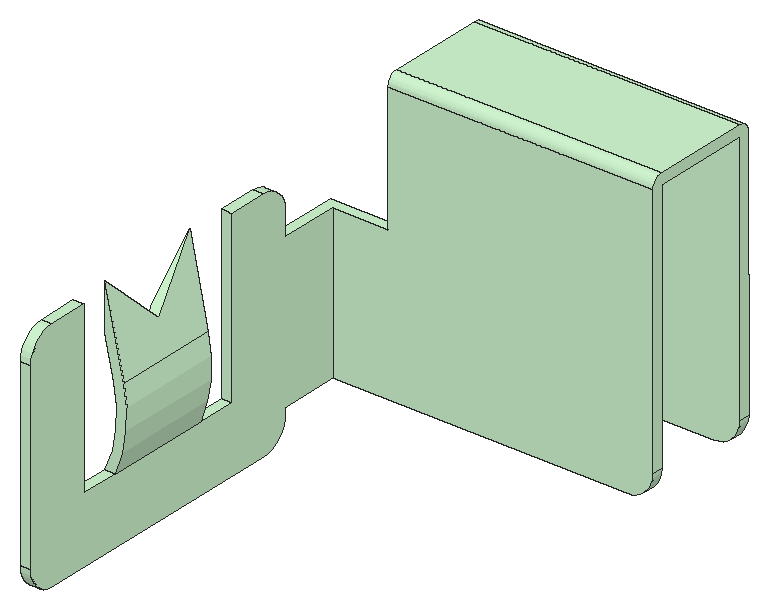
Revit family "点検口T+アクセス左", category 機械設備, Revit 2020
Family settings
  丸型コネクタ寸法 = 直径を使用
  種別 = なし
  パーツ タイプ = 標準
  作業面ベース = いいえ
  常に垂直 = はい
  ロード時にボイドで切り取り = いいえ
  共有 = いいえ
  部屋計算ポイント = いいえ
Parameters
  製造元 = "株式会社桐井製作所"
  既定の高さ = 0 mm
  URL = "https://www.kirii.co.jp/"
  K_材質 = "溶融亜鉛めっき鋼板及び鋼帯 SGCC 一般用"
  K_品名 = "点検口T+アクセス左"
  K_名称 = "点検口金具"
  K_入数 = "1500"
  K_バージョン情報 = "20220915"
  K_めっき付着量 = "Z12"
  K_JIS規格 = "JIS G 3302"
Reference planes
  plane 1 "中心(正面/背面)": y = 0
  plane 2: z = 0
  plane 3 "中心(左/右)": x = 0
Forms (mm)
  Extrusion 1, void
    sketch origin (0, -8, 0) x (1, 0, 0) y (0, 0, 1)
      loop
        line (25, 2.5) -> (25, 4.5)
        arc (25, 4.5) -> (24.414, 3.086) -> (23, 2.5) r 2
        line (23, 2.5) -> (25, 2.5)
    from -4.9 to -4.1
  Extrusion 2, void
    sketch origin (0, 0.2, 0) x (1, 0, 0) y (0, 0, 1)
      loop
        line (25, 2.5) -> (25, 4.5)
        arc (25, 4.5) -> (24.414, 3.086) -> (23, 2.5) r 2
        line (23, 2.5) -> (25, 2.5)
    from -4.9 to -4.1
  Extrusion 3, solid
    sketch origin (-0.18, 0.4, 0) x (1, 0, 0) y (0, 0, 1)
      loop
        line (0.98, 17.8) -> (0.18, 17.8) -> (0.18, 0) -> (0.98, 0) -> (0.98, 17.8)
    from 4.3 to 32.8
  Extrusion 4, void
    sketch origin (0, 0.4, 0) x (0, -1, 0) y (0, 0, -1)
      loop
        line (13.8, -17.8) -> (27.8, -17.8) -> (27.8, -5) -> (13.8, -5) -> (13.8, -17.8)
    from 0 to 0.8
  Extrusion 5, solid
    sketch origin (-0.876, 0.4, 0) x (1, 0, 0) y (0, 0, -1)
      loop
        arc (0.876, -5) -> (1.725, -8.02) -> (1.533, -11.151) r 9.4
        line (1.533, -11.151) -> (0.876, -14.247) -> (0.876, -17.8) -> (2.258, -11.287)
        arc (2.258, -11.287) -> (2.476, -8.097) -> (1.676, -5) r 10
        line (1.676, -5) -> (0.876, -5)
    from -24.8 to -16.8
  Extrusion 6, void
    sketch origin (-0.876, 0.4, 0) x (0, -1, 0) y (0, 0, -1)
      loop
        line (24.8, -17.8) -> (20.8, -13.8) -> (16.8, -17.8) -> (24.8, -17.8)
    from 0.695 to 1.797
  Extrusion 7, void
    sketch origin (0, 0.4, 0) x (0, -1, 0) y (0, 0, -1)
      loop
        arc (10.8, -17.8) -> (9.386, -17.214) -> (8.8, -15.8) r 2
        line (8.8, -15.8) -> (8.8, -14) -> (4.3, -14) -> (4.3, -17.8) -> (10.8, -17.8)
      loop
        arc (8.864, -2.5) -> (9.219, -0.775) -> (10.8, 0) r 2
        line (10.8, 0) -> (4.3, 0) -> (4.3, -2.5) -> (8.864, -2.5)
      loop
        line (32.8, -17.8) -> (32.8, -15.8)
        arc (32.8, -15.8) -> (32.214, -17.214) -> (30.8, -17.8) r 2
        line (30.8, -17.8) -> (32.8, -17.8)
      loop
        arc (30.8, 0) -> (32.214, -0.586) -> (32.8, -2) r 2
        line (32.8, -2) -> (32.8, 0) -> (30.8, 0)
    from 0 to 0.8
  Extrusion 8, solid
    sketch origin (0, 0.8, 0) x (0, 1, 0) y (0, 0, -1)
      loop
        line (3.5, -2.5) -> (3.5, -23.7) -> (-3.9, -23.7) -> (-3.9, -2.5) -> (-4.7, -2.5) -> (-4.7, -23.7)
        arc (-4.7, -23.7) -> (-4.466, -24.266) -> (-3.9, -24.5) r 0.8
        line (-3.9, -24.5) -> (3.5, -24.5)
        arc (3.5, -24.5) -> (4.066, -24.266) -> (4.3, -23.7) r 0.8
        line (4.3, -23.7) -> (4.3, -2.5) -> (3.5, -2.5)
    from -25 to -5
  Extrusion 9, solid
    sketch origin (0, 0, 0) x (1, 0, 0) y (0, 0, 1)
      loop
        line (0, 14) -> (0, 2.5) -> (5, 2.5) -> (5, 14) -> (0, 14)
    from 3.1 to 3.9
Cuts and joins
  Extrusion 4, Extrusion 7 cuts Extrusion 3
  Extrusion 6 cuts Extrusion 5
  Extrusion 1, Extrusion 2 cuts Extrusion 8
  joined: Extrusion 3, Extrusion 5, Extrusion 8, Extrusion 9
Dimensions and locks
  aligned and locked: level to plane 2
